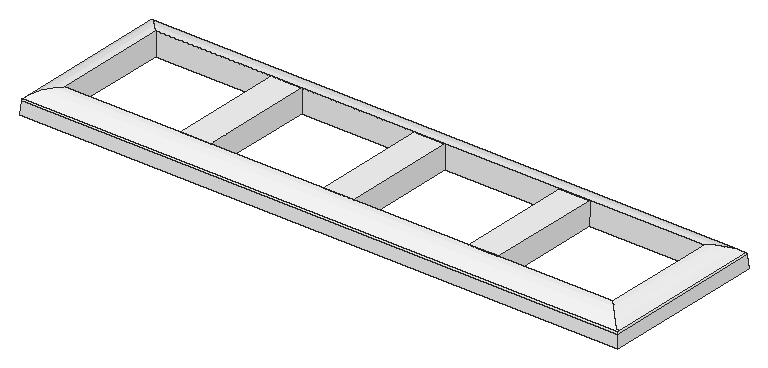
Revit family "Gira_021404", category Electrical Fixtures, host Face, Revit 2017
Family settings
  Host = Face
  Maintain Annotation Orientation = No
  Round Connector Dimension = Use Diameter
  Part Type = Normal
  Cut with Voids When Loaded = No
  Shared = No
  Room Calculation Point = No
Parameters (values of type "Abdeckrahmen 4f Standard 55 Reinweiß m")
  Werkstoffgüte = "Thermoplast"
  Werkstoff = "Kunststoff"
  URL = "http://katalog.gira.de/de_DE/datenblatt.html?artikelnr=021404"
  Transparent = "No"
  Textfeld/Beschriftungsfläche = "No"
  Schutzart (IP) = "IP20"
  Region = "DE"
  RAL-Nummer (ähnlich) = "9010 "
  Oberfläche = "sonstige"
  Name = "Abdeckrahmen 4f Standard 55 Reinweiß m"
  Montagerichtung = "horizontal und vertikal"
  Mit Montagerahmen = "No"
  Mit Klappdeckel = "No"
  Manufacturer URL = "https://www.gira.de/"
  Keynote = "Std55_Rahmen_4fach"
  HeinzeBIM = "https://bimportal.heinze.de/bim/abdeckrahmen-4f-standard-55-reinweiss-m/2fce07ac807eafb5a604ea0754c455def517005b"
  Halogenfrei = "Yes"
  HAN = "021404"
  Geeignet für Unterputz-Installation = "Yes"
  Geeignet für Unterflurkanaldose = "No"
  Geeignet für Geräteeinbaukanal = "No"
  Geeignet für Einbauinstallation = "No"
  GTIN = "4010337214045"
  Farbe = "weiß"
  Default Elevation = 1219.2 mm
  Data sheet (1) = "https://katalog.gira.de/de_DE/download.html?artikelnr=021404"
  Category = "Abdeckrahmen"
  Befestigungsart = "Klemmbefestigung"
  Available = "Yes"
  Ausführung der Oberfläche = "matt"
  Anzahl der Einheiten vertikal = "4 "
  Anzahl der Einheiten horizontal = "4 "
  Anzahl der Einheiten = "4 "
Reference planes
  plane 1 "Center (Front/Back)": y = 0
  plane 2: z = 0
  plane 3 "Center (Left/Right)": x = 0
  plane 4: x = -40.3
  plane 5: x = 40.3
  plane 6: y = -147.3
  plane 7: y = 147.3
  plane 8: y = -71.3
  plane 9: y = 71.3
Forms (mm)
  Sweep 1, solid, material "White", detail levels fine
    path origin (0, 0, 0) x (0, -1, 0) y (1, 0, 0)
      loop
        line (40.3, 147.3) -> (-40.3, 147.3) -> (-40.3, -147.3) -> (40.3, -147.3) -> (40.3, 147.3)
    profile origin (147.3, 0, 0) x (-1, 0, 0) y (0, 0, 1)
      loop
        arc (12.22, 11.373) -> (5.983, 10.294) -> (0.641, 6.901) r 16.145
        arc (0.641, 6.901) -> (0.395, 6.426) -> (0.309, 5.898) r 1.694
        line (0.309, 5.898) -> (0, 0) -> (12.319, 0) -> (12.22, 11.373)
  Extrusion 2, solid, material "White", detail levels fine
    sketch origin (-70.7, 0, 0) x (1, 0, 0) y (0, 0, 1)
      loop
        line (7.4, 0) -> (7.4, 11.373) -> (-7.4, 11.373) -> (-7.4, 0) -> (7.4, 0)
    from -28.08 to 28.08
  Extrusion 3, solid, material "White", detail levels fine
    sketch origin (71.3, 0, 0) x (1, 0, 0) y (0, 0, 1)
      loop
        line (7.4, 0) -> (7.4, 11.373) -> (-7.4, 11.373) -> (-7.4, 0) -> (7.4, 0)
    from -28.08 to 28.08
  Extrusion 4, solid, material "White", detail levels fine
    sketch origin (0, 0, 0) x (1, 0, 0) y (0, 0, 1)
      loop
        line (7.4, 0) -> (7.4, 11.373) -> (-7.4, 11.373) -> (-7.4, 0) -> (7.4, 0)
    from -28.08 to 28.08
  Extrusion 5, solid, material "White", detail levels coarse+medium
    sketch origin (0, 0, 0) x (0, -1, 0) y (1, 0, 0)
      loop
        line (-40.3, 147.3) -> (-40.3, -147.3) -> (40.3, -147.3) -> (40.3, 147.3) -> (-40.3, 147.3)
    from 0 to 11.373
Dimensions and locks
  aligned and locked: plane 2 to host face
  aligned and locked: level to host face
